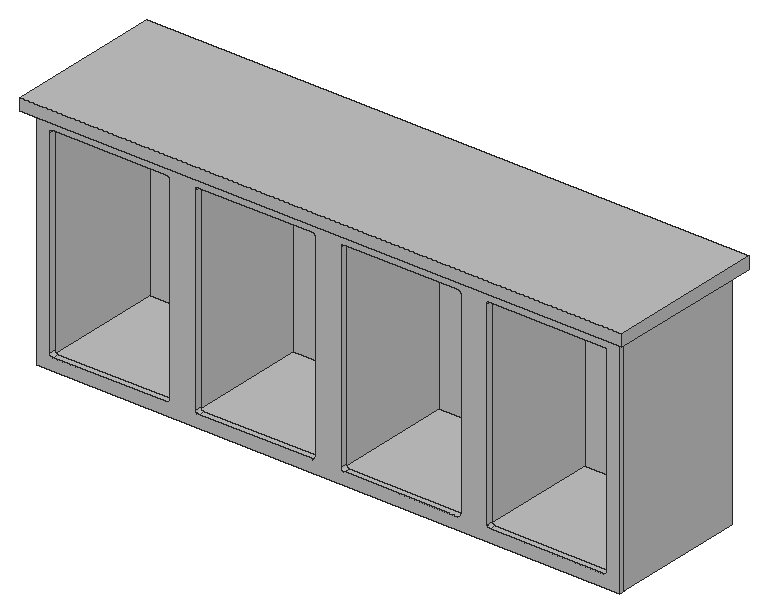
Revit family "Bench_Locker-Bradley_Corp-Lenox_4_Cubby_Bench", category Specialty Equipment, Revit 2021
Family settings
  Round Connector Dimension = Use Diameter
  Part Type = Normal
  OmniClass Number = 23.40.00.00
  OmniClass Title = Equipment and Furnishings
  Work Plane-Based = No
  Always vertical = Yes
  Cut with Voids When Loaded = No
  Shared = No
  Room Calculation Point = No
Parameters (values of type "48" Long - 4 Cubby Locker")
  Warranty Information = "20 years"
  Version = "2023-08-18"
  URL = "http://www.bradleycorp.com/"
  Type Comments = ""
  Tiers = 2
  Technical Data = ""
  Specifications URL = "https://www.bradleycorp.com/mediamanager/view/10380/CSI_Specification_Guideline_Section_105126.pdf"
  Product Tech Data URL - Spanish = ""
  Product Tech Data URL - French = ""
  Product Tech Data URL - English = "https://www.bradleycorp.com/mediamanager/view/10121/Cubby_Bench_Locker.pdf"
  Product Page URL = "https://www.bradleycorp.com/product/cubby-bench-lockers"
  OmniClass Table 23 Title = "Clothing Lockers"
  OmniClass Table 23 Number = "23-21 15 15"
  OmniClass Table 21 Title = "Storage Specialties"
  OmniClass Table 21 Number = "21-03 10 90 70"
  Modeling Code = ""
  Material Note = "Other colors available - see www.bradleycorp.com"
  MasterFormat Title = "Plastic Lockers"
  MasterFormat Number = "10 51 26"
  Locker Bench/Frame Material [instance] = Plastic - Bradley Corp - HDPE - Gray
  Model = "Lenox Cubby Bench Lockers"
  Manufacturer = "Bradley Corporation"
  Industry Standards = "n/a"
  Height = 19 3/4"
  Fire Rating = "n/a"
  Thickness [instance] = 3" / 8  # 3/8"
  Door Type [instance] = "Standard"
  Description = "Solid Plastic Cubby Bench & Lockers"
  Default Elevation = 0"
  Copyright = "This Model Data is Property of Bradley Corporation"
  Construction Comments [instance] = ""
  Bench Length [instance] = 48"
  Assembly Code = "C1030310"
  ADA Compliant = no
Reference planes (in)
  plane 1 "Center (Front/Back)": y = -3.25
  plane 2: z = -8.5
  plane 3 "Center (Left/Right)": x = 16.25
  plane 4 "Bottom": z = 0
  plane 5 "F.O. Bench": y = -9
  plane 6 "Left": x = -9.75
  plane 7 "Center L/T": x = 38.25
  plane 8 "Center L/U": x = 2.25
  plane 9 "Center L/V": x = 26.25
  plane 10 "CENTER": x = 14.25
  plane 11 "Top of Bench": z = 19.75
  plane 12 "B.O. Bench Top": z = 18.75
  plane 13 "E.O. Bench Top LEFT": x = -10.5
  plane 14 "F.O. Bench Top": y = -9.75
  plane 15 "B.O. Bench Base": y = 2.5
  plane 16 "B.O. Face Plate": y = -8.625
  plane 17 "Bench Top Back": y = 3.25
  plane 18 "E.O. Bench Top RIGHT": x = 39
  plane 19 "Right Inside Cabinet": x = 37.875
  plane 20 "Left Inside Cabinet": x = -9.375
  plane 21: z = 0.375
  plane 22 "Center L/BB": y = 2.125
Forms (in)
  Extrusion 1, solid, material "Plastic - Bradley Corp - HDPE - Gray" <- "Locker Bench/Frame Material", detail levels medium+fine
    sketch origin (-0.75, -9, 0) x (-1, 0, 0) y (0, 0, 1)
      loop
        line (9, 0) -> (9, 18.75) -> (-39, 18.75) -> (-39, 0) -> (9, 0)
      loop
        arc (-1.6875, 17.75) -> (-1.86428, 17.67678) -> (-1.9375, 17.5) r 0.25
        line (-1.9375, 17.5) -> (-1.9375, 1.25)
        arc (-1.9375, 1.25) -> (-1.86428, 1.07322) -> (-1.6875, 1) r 0.25
        line (-1.6875, 1) -> (7.6875, 1)
        arc (7.6875, 1) -> (7.86428, 1.07322) -> (7.9375, 1.25) r 0.25
        line (7.9375, 1.25) -> (7.9375, 17.5)
        arc (7.9375, 17.5) -> (7.86428, 17.67678) -> (7.6875, 17.75) r 0.25
        line (7.6875, 17.75) -> (-1.6875, 17.75)
      loop
        arc (-13.9375, 1.25) -> (-13.86428, 1.07322) -> (-13.6875, 1) r 0.25
        line (-13.6875, 1) -> (-4.3125, 1)
        arc (-4.3125, 1) -> (-4.13572, 1.07322) -> (-4.0625, 1.25) r 0.25
        line (-4.0625, 1.25) -> (-4.0625, 17.5)
        arc (-4.0625, 17.5) -> (-4.13572, 17.67678) -> (-4.3125, 17.75) r 0.25
        line (-4.3125, 17.75) -> (-13.6875, 17.75)
        arc (-13.6875, 17.75) -> (-13.86428, 17.67678) -> (-13.9375, 17.5) r 0.25
        line (-13.9375, 17.5) -> (-13.9375, 1.25)
      loop
        line (-16.0625, 1.25) -> (-16.0625, 17.5)
        arc (-16.0625, 17.5) -> (-16.13572, 17.67678) -> (-16.3125, 17.75) r 0.25
        line (-16.3125, 17.75) -> (-25.6875, 17.75)
        arc (-25.6875, 17.75) -> (-25.86428, 17.67678) -> (-25.9375, 17.5) r 0.25
        line (-25.9375, 17.5) -> (-25.9375, 1.25)
        arc (-25.9375, 1.25) -> (-25.86428, 1.07322) -> (-25.6875, 1) r 0.25
        line (-25.6875, 1) -> (-16.3125, 1)
        arc (-16.3125, 1) -> (-16.13572, 1.07322) -> (-16.0625, 1.25) r 0.25
      loop
        line (-28.3125, 17.75) -> (-37.6875, 17.75)
        arc (-37.6875, 17.75) -> (-37.86428, 17.67678) -> (-37.9375, 17.5) r 0.25
        line (-37.9375, 17.5) -> (-37.9375, 1.25)
        arc (-37.9375, 1.25) -> (-37.86428, 1.07322) -> (-37.6875, 1) r 0.25
        line (-37.6875, 1) -> (-28.3125, 1)
        arc (-28.3125, 1) -> (-28.13572, 1.07322) -> (-28.0625, 1.25) r 0.25
        line (-28.0625, 1.25) -> (-28.0625, 17.5)
        arc (-28.0625, 17.5) -> (-28.13572, 17.67678) -> (-28.3125, 17.75) r 0.25
    from 0 to 0.5
  Extrusion 2, solid, material "Plastic - Bradley Corp - HDPE - Gray" <- "Locker Bench/Frame Material", detail levels medium+fine
    sketch origin (-11.71161, -6.5, 0) x (1, 0, 0) y (0, 0, 1)
      loop
        line (49.58661, 18.75) -> (1.96161, 18.75) -> (1.96161, 0) -> (49.58661, 0) -> (49.58661, 18.75)
    from -9 to -8.625
  Extrusion 3, solid, material "Plastic - Bradley Corp - HDPE - Gray" <- "Locker Bench/Frame Material"
    sketch origin (0, -9, 0) x (-1, 0, 0) y (0, 0, 1)
      loop
        line (10.5, 18.75) -> (10.5, 19.75) -> (-39, 19.75) -> (-39, 18.75) -> (10.5, 18.75)
    from -0.75 to 12.25
  Extrusion 4, solid, material "Plastic - Bradley Corp - HDPE - Gray" <- "Locker Bench/Frame Material"
    sketch origin (-60, -180, 0) x (-1, 0, 0) y (0, -1, 0)
      loop
        line (-50.625, -182.5) -> (-50.625, -171.375) -> (-97.875, -171.375) -> (-97.875, -182.5) -> (-50.625, -182.5)
    from 0 to 0.375
  Extrusion 5, solid, material "Plastic - Bradley Corp - HDPE - Gray" <- "Locker Bench/Frame Material"
    sketch origin (-60, -180, 0) x (-1, 0, 0) y (0, -1, 0)
      loop
        line (-97.875, -182.5) -> (-97.875, -171.375) -> (-98.25, -171.375) -> (-98.25, -182.5) -> (-97.875, -182.5)
    from 0 to 18.75
  Extrusion 6, solid, material "Plastic - Bradley Corp - HDPE - Gray" <- "Locker Bench/Frame Material"
    sketch origin (88.5, -180, 0) x (1, 0, 0) y (0, 1, 0)
      loop
        line (-97.875, 182.5) -> (-98.25, 182.5) -> (-98.25, 171.375) -> (-97.875, 171.375) -> (-97.875, 182.5)
    from 0 to 18.75
  Extrusion 7, solid, material "Plastic - Bradley Corp - HDPE - Gray" <- "Locker Bench/Frame Material"
    sketch origin (-60, -180, 0) x (-1, 0, 0) y (0, -1, 0)
      loop
        line (-62.0625, -171.375) -> (-62.4375, -171.375) -> (-62.4375, -182.125) -> (-62.0625, -182.125) -> (-62.0625, -171.375)
    from 0.375 to 18.75
  Extrusion 8, solid, material "Plastic - Bradley Corp - HDPE - Gray" <- "Locker Bench/Frame Material"
    sketch origin (76.5, -180, 0) x (1, 0, 0) y (0, 1, 0)
      loop
        line (-62.0625, 171.375) -> (-62.0625, 182.125) -> (-62.4375, 182.125) -> (-62.4375, 171.375) -> (-62.0625, 171.375)
    from 0.375 to 18.75
  Extrusion 9, solid, material "Plastic - Bradley Corp - HDPE - Gray" <- "Locker Bench/Frame Material"
    sketch origin (88.5, -180, 0) x (1, 0, 0) y (0, 1, 0)
      loop
        line (-62.0625, 171.375) -> (-62.0625, 182.125) -> (-62.4375, 182.125) -> (-62.4375, 171.375) -> (-62.0625, 171.375)
    from 0.375 to 18.75
Lines and regions (in)
  reference lines
    curve 1: line (10.83058, -9, 0) -> (-7.91942, -9, 0)
    curve 2: line (10.83058, -9, 0) -> (-7.91942, -9, 0)
Dimensions and locks (in)
  locked: plane 15 "B.O. Bench Base" to plane 5 "F.O. Bench" at 11.5
  locked: Extrusion 1 sketch curve to plane 4 "Bottom" at 1
  "Bench Length": plane 7 "Center L/T" to plane 6 "Left"
  equal spacing: plane 7 "Center L/T", plane 9 "Center L/V", plane 10 "CENTER", plane 8 "Center L/U", plane 6 "Left"
  "Height": plane 11 "Top of Bench" to level
  locked: plane 12 "B.O. Bench Top" to level at 18.75
  locked: plane 13 "E.O. Bench Top LEFT" to plane 6 "Left" at 0.75
  locked: plane 5 "F.O. Bench" to plane 14 "F.O. Bench Top" at 0.75
  locked: plane 16 "B.O. Face Plate" to plane 5 "F.O. Bench" at 0.375
  equal spacing: plane 15 "B.O. Bench Base", plane 1 "Center (Front/Back)", plane 5 "F.O. Bench", locked at 5.75 each
  locked: plane 17 "Bench Top Back" to plane 14 "F.O. Bench Top" at 13
  plane 17 "Bench Top Back" to plane 15 "B.O. Bench Base" = 3/4"
  locked: plane 7 "Center L/T" to plane 18 "E.O. Bench Top RIGHT" at 0.75
  locked: plane 6 "Left" to plane 20 "Left Inside Cabinet" at 0.375
  Extrusion 1 sketch curve to Extrusion 1 sketch curve = 9 7/8"  (x4)
  Extrusion 1 sketch curve to plane 8 "Center L/U" = 1 1/16"
  Extrusion 1 sketch curve to plane 10 "CENTER" = 1 1/16"
  locked: plane 21 to level at 0.375
  locked: plane 15 "B.O. Bench Base" to plane 22 "Center L/BB" at 0.375
  aligned and locked: plane 17 "Bench Top Back" to Extrusion 3
  aligned and locked: Extrusion 3 to plane 13 "E.O. Bench Top LEFT"  (x2)
  aligned and locked: Extrusion 3 to plane 18 "E.O. Bench Top RIGHT"  (x4)
  aligned and locked: plane 12 "B.O. Bench Top" to Extrusion 5
  aligned and locked: plane 12 "B.O. Bench Top" to Extrusion 6
  aligned and locked: Extrusion 3 to plane 14 "F.O. Bench Top"
  aligned and locked: Extrusion 3 to plane 12 "B.O. Bench Top"
  aligned and locked: Extrusion 5 to plane 12 "B.O. Bench Top"
  aligned and locked: Extrusion 6 to plane 12 "B.O. Bench Top"
  aligned and locked: plane 12 "B.O. Bench Top" to Extrusion 2
  aligned and locked: plane 12 "B.O. Bench Top" to Extrusion 7
  aligned and locked: Extrusion 2 to plane 19 "Right Inside Cabinet"
  aligned and locked: plane 19 "Right Inside Cabinet" to Extrusion 5
  aligned and locked: Extrusion 6 to plane 6 "Left"
  aligned and locked: plane 13 "E.O. Bench Top LEFT" to Extrusion 3
  aligned and locked: Extrusion 3 to plane 17 "Bench Top Back"  (x2)
  aligned and locked: Extrusion 2 to plane 6 "Left"
  aligned and locked: plane 15 "B.O. Bench Base" to Extrusion 2
  aligned and locked: Extrusion 1 to plane 5 "F.O. Bench"
  aligned and locked: level to plane 4 "Bottom"
  aligned and locked: plane 21 to Extrusion 9
  aligned and locked: plane 21 to Extrusion 8
  aligned and locked: plane 21 to Extrusion 7
  aligned and locked: plane 14 "F.O. Bench Top" to Extrusion 3
  aligned and locked: plane 11 "Top of Bench" to Extrusion 3
  aligned and locked: Extrusion 7 to plane 12 "B.O. Bench Top"
  aligned and locked: plane 12 "B.O. Bench Top" to Extrusion 8
  aligned and locked: plane 12 "B.O. Bench Top" to Extrusion 9
  aligned and locked: plane 12 "B.O. Bench Top" to Extrusion 1
  aligned and locked: plane 22 "Center L/BB" to Extrusion 9  (x2)
  aligned and locked: plane 22 "Center L/BB" to Extrusion 8
  aligned and locked: plane 22 "Center L/BB" to Extrusion 7
  aligned and locked: Extrusion 9 to plane 21
  aligned and locked: Extrusion 4 to plane 19 "Right Inside Cabinet"
  aligned and locked: Extrusion 4 to plane 21
Automatic sketch dimensions
  curve 2 to plane 5 "F.O. Bench" = 0"
  plane 10 "CENTER" to curve 2 = 3.41942"
  plane 20 "Left Inside Cabinet" to curve 2 = 1.45558"
  curve 1 to curve 2 = 0"
  Extrusion 2 sketch curve to plane 6 "Left" = 0"
  Extrusion 2 sketch curve to level = 0"
  plane 19 "Right Inside Cabinet" to Extrusion 2 sketch curve = 0"
  Extrusion 2 sketch curve to plane 12 "B.O. Bench Top" = 0"
  Extrusion 3 sketch curve to plane 12 "B.O. Bench Top" = 0"
  plane 18 "E.O. Bench Top RIGHT" to Extrusion 3 sketch curve = 0"
  Extrusion 3 sketch curve to plane 11 "Top of Bench" = 0"
  Extrusion 3 sketch curve to plane 13 "E.O. Bench Top LEFT" = 0"
  Extrusion 4 sketch curve to plane 15 "B.O. Bench Base" = 0"
  Extrusion 4 sketch curve to plane 19 "Right Inside Cabinet" = 0"
  plane 16 "B.O. Face Plate" to Extrusion 4 sketch curve = 0"
  Extrusion 4 sketch curve to plane 20 "Left Inside Cabinet" = 0"
  Extrusion 5 sketch curve to plane 7 "Center L/T" = 0"
  plane 16 "B.O. Face Plate" to Extrusion 5 sketch curve = 0"
  Extrusion 5 sketch curve to plane 19 "Right Inside Cabinet" = 0"
  Extrusion 5 sketch curve to plane 15 "B.O. Bench Base" = 0"
  Extrusion 6 sketch curve to plane 6 "Left" = 0"
  plane 16 "B.O. Face Plate" to Extrusion 6 sketch curve = 0"
  Extrusion 6 sketch curve to plane 20 "Left Inside Cabinet" = 0"
  Extrusion 6 sketch curve to plane 15 "B.O. Bench Base" = 0"
  plane 16 "B.O. Face Plate" to Extrusion 7 sketch curve = 0"
  Extrusion 7 sketch curve to plane 15 "B.O. Bench Base" = 3/8"
  plane 8 "Center L/U" to Extrusion 7 sketch curve = 3/16"
  Extrusion 7 sketch curve to plane 8 "Center L/U" = 3/16"
  plane 16 "B.O. Face Plate" to Extrusion 8 sketch curve = 0"
  Extrusion 8 sketch curve to plane 15 "B.O. Bench Base" = 3/8"
  plane 10 "CENTER" to Extrusion 8 sketch curve = 3/16"
  Extrusion 8 sketch curve to plane 10 "CENTER" = 3/16"
  plane 16 "B.O. Face Plate" to Extrusion 9 sketch curve = 0"
  Extrusion 9 sketch curve to plane 15 "B.O. Bench Base" = 3/8"
  plane 9 "Center L/V" to Extrusion 9 sketch curve = 3/16"
  Extrusion 9 sketch curve to plane 9 "Center L/V" = 3/16"
  plane 7 "Center L/T" to Extrusion 1 sketch curve = 0"
  Extrusion 1 sketch curve to plane 12 "B.O. Bench Top" = 0"
  Extrusion 1 sketch curve to level = 0"
  Extrusion 1 sketch curve to plane 6 "Left" = 0"
  plane 19 "Right Inside Cabinet" to Extrusion 1 sketch curve = 11/16"
  Extrusion 1 sketch curve to Extrusion 1 sketch curve = 1/4"  (x14)
  Extrusion 1 sketch curve to plane 21 = 5/8"  (x3)
  Extrusion 1 sketch curve to plane 9 "Center L/V" = 1 5/16"  (x2)
  plane 9 "Center L/V" to Extrusion 1 sketch curve = 1 1/16"
  Extrusion 1 sketch curve to plane 3 "Center (Left/Right)" = 11/16"  (x2)
  Extrusion 1 sketch curve to plane 8 "Center L/U" = 1 1/16"
  Extrusion 1 sketch curve to plane 12 "B.O. Bench Top" = 1 1/4"  (x4)
